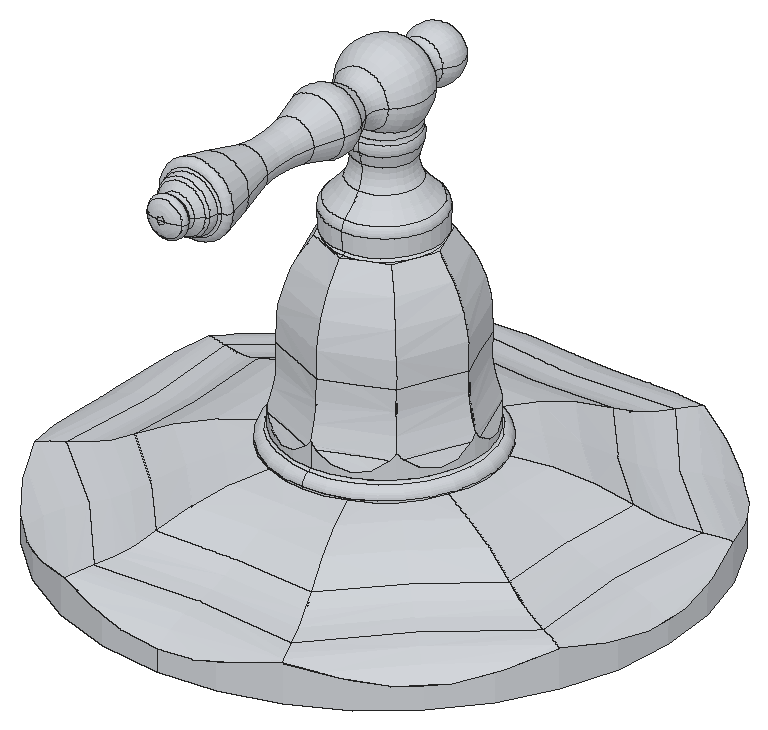
Revit family "Shower-Valve_Trim-KOHLER-Kelston-K-TS98762", category Specialty Equipment, host Face, Revit 2015
Parameters (values of type "CP-Polished Chrome")
  Width = 6 1/2"  # constant formula
  WaterSense Certified = 1 = 0  # no
  URL = "https://www.us.kohler.com/us/"
  Type = 1
  Product Page URL = "http://www.us.kohler.com/us/catalog/productDetails.jsp?productNumber=TS98762-4"
  Product Name = "Kelston"  # constant formula
  Product Documentation Link = "https://www.us.kohler.com/webassets/kpna/catalog/pdf/en/K-TS98762-4_spec.pdf"
  Model = if(Type = 1, "K-TS98762-4-CP", if(Type = 2, "K-TS98762-4-BN", if(Type = 3, "K-TS98762-4-2BZ", "NA")))  # "K-TS98762-4-CP"
  Material = "Premium Material Construction"  # constant formula
  MasterFormat 2004 = "10.28.13"  # constant formula
  MasterFormat 1995 = "10820"  # constant formula
  Manufacturer Address = "444 Highland Dr, Kohler, WI 53044"  # constant formula
  Manufacturer = "KOHLER Co."  # constant formula
  Length = 5 1/16"  # constant formula
  Height = 6 1/2"  # constant formula
  Handle Clearance = 3 3/16"  # constant formula
  Finish = Kohler-Metal-CP-Polished_Chrome
  Environmental Product Declaration = ""
  Description = "Rite-Temp valve trim with lever handle"  # constant formula
  Default Elevation = 42"
  Declare Label = ""
  Date Modified = "04/16/2019"  # constant formula
  Date Created = "04/16/2019"  # constant formula
  Copyright = "Copyright KOHLER Co."  # constant formula
  Contact Us = "https://www.us.kohler.com/us/static/contact.jsp"
  Assembly Code = "C1030200"
  ADA Compliant = 1 = 1  # yes
Reference planes (in)
  plane 1 "Center (Front/Back)": y = 0
  plane 2: z = 0
  plane 3 "Center (Left/Right)": x = 0
  plane 4: y = 3.25
  plane 5: y = -3.25
  plane 6: x = 3.25
  plane 7: x = -3.25
  plane 8: z = 5.0625
  plane 9: y = -3.1875
Dimensions and locks (in)
  "Width": plane 7 to plane 6
  "Height": plane 4 to plane 5
  "Handle Clearance": plane 1 "Center (Front/Back)" to plane 9
  "Length": plane 8 to plane 2
  aligned and locked: plane 2 to host face
  aligned and locked: level to host face
Automatic sketch dimensions
  host sketch curve to host sketch curve = 96"  (x2)
Nested families (in)
  nested 1: "K-TS98762" at (0, 0, 0), type "K-TS98762"
Definition of nested family "K-TS98762"
  Parameters (values of type "K-TS98762")
    Material = none
  Reference planes (in)
    plane 1 "Center (Front/Back)": y = 0
    plane 2: z = 0
    plane 3 "Center (Left/Right)": x = 0
    plane 4: y = 3.25
    plane 5: y = -3.25
    plane 6: x = 3.25
    plane 7: x = -3.25
    plane 8: z = 5.0625
    plane 9: y = -3.1875
    plane 10 "A": z = 4.593
  Forms (in)
    Revolve 1, solid, material <- "Material", detail levels medium+fine
      sketch origin (0, 0, 0) x (0, 1, 0) y (0, 0, 1)
        loop
          line (3.25, 0) -> (3.25, 0.44213) -> (0.83859, 1.17937) -> (0, 1.17937) -> (0, 0) -> (3.25, 0)
        axis (0, 0) -> (0, 1.17937)
      angle from 0 to 360
    Sweep 2, void
      path origin (0, 0, 0) x (1, 0, 0) y (0, 1, 0)
        loop
          arc (-1.24074, 3.00384) -> (-2.04774, 2.05181) -> (-3.00137, 1.2467) r 7.50391
          arc (-3.00137, 1.2467) -> (-2.89882, 0.00287) -> (-3.00384, -1.24074) r 7.50391
          arc (-3.00384, -1.24074) -> (-2.05181, -2.04774) -> (-1.2467, -3.00137) r 7.50391
          arc (-1.2467, -3.00137) -> (-0.00287, -2.89882) -> (1.24074, -3.00384) r 7.50391
          arc (1.24074, -3.00384) -> (2.04774, -2.05181) -> (3.00137, -1.2467) r 7.50391
          arc (3.00137, -1.2467) -> (2.89882, -0.00287) -> (3.00384, 1.24074) r 7.50391
          arc (3.00384, 1.24074) -> (2.05181, 2.04774) -> (1.2467, 3.00137) r 7.50391
          arc (1.2467, 3.00137) -> (0.00287, 2.89882) -> (-1.24074, 3.00384) r 7.50398
      profile origin (0.00287, 2.89882, 0) x (0.000992, 1, 0) y (0, 0, 1)
        loop
          arc (-0.24905, 0.46793) -> (0.07157, 0.39361) -> (0.35899, 0.23326) r 1.1748
          line (0.35899, 0.23326) -> (0.35899, 1.55303) -> (-1.98899, 1.55303) -> (-1.98899, 0.9793)
          arc (-1.98899, 0.9793) -> (-1.37257, 0.89262) -> (-0.80073, 0.64668) r 2.34289
          arc (-0.80073, 0.64668) -> (-0.53503, 0.526) -> (-0.24905, 0.46793) r 1.29359
    Revolve 3, solid, material <- "Material", detail levels medium+fine
      sketch origin (0, 0, 0) x (0, 1, 0) y (0, 0, 1)
        loop
          line (1.17005, 0.95001) -> (1.17005, 0.98233)
          arc (1.17005, 0.98233) -> (1.143, 1.05707) -> (1.07439, 1.09718) r 0.11677
          arc (1.07439, 1.09718) -> (1.0569, 1.1074) -> (1.05, 1.12646) r 0.02977
          line (1.05, 1.12646) -> (1.05, 3.09509) -> (0.58103, 3.09509) -> (0.53112, 3.145) -> (0.59715, 3.145)
          arc (0.59715, 3.145) -> (0.5953, 3.24448) -> (0.60089, 3.34383) r 1.33089
          arc (0.60089, 3.34383) -> (0.59286, 3.39986) -> (0.56024, 3.44611) r 0.12109
          arc (0.56024, 3.44611) -> (0.45664, 3.54946) -> (0.36693, 3.66507) r 1.15585
          arc (0.36693, 3.66507) -> (0.31632, 3.78659) -> (0.31754, 3.91822) r 0.32814
          arc (0.31754, 3.91822) -> (0.33396, 3.98119) -> (0.35585, 4.04246) r 0.74083
          arc (0.35585, 4.04246) -> (0.36864, 4.10307) -> (0.35942, 4.16431) r 0.17412
          arc (0.35942, 4.16431) -> (0.35314, 4.18928) -> (0.35103, 4.21495) r 0.15703
          line (0.35103, 4.21495) -> (0.35103, 4.31913) -> (0, 4.31913) -> (0, 0.95001) -> (1.17005, 0.95001)
        axis (0, 0.95001) -> (0, 4.31913)
      angle from 0 to 360
    Sweep 4, void
      path origin (0, 0, 0) x (1, 0, 0) y (0, 1, 0)
        loop
          arc (-0.74848, 0.74848) -> (-0.89801, 0.37197) -> (-1.05851, 0) r 13.82422
          arc (-1.05851, 0) -> (-0.89801, -0.37197) -> (-0.74848, -0.74848) r 13.82422
          arc (-0.74848, -0.74848) -> (-0.37197, -0.89801) -> (0, -1.05851) r 13.82422
          arc (0, -1.05851) -> (0.37197, -0.89801) -> (0.74848, -0.74848) r 13.82422
          arc (0.74848, -0.74848) -> (0.89801, -0.37197) -> (1.05851, 0) r 13.82422
          arc (1.05851, 0) -> (0.89801, 0.37197) -> (0.74848, 0.74848) r 13.82422
          arc (0.74848, 0.74848) -> (0.37197, 0.89801) -> (0, 1.05851) r 13.82552
          arc (0, 1.05851) -> (-0.37197, 0.89801) -> (-0.74848, 0.74848) r 13.82422
      profile origin (-0.37197, 0.89801, 0) x (-0.382683, 0.92388, 0) y (0, 0, 1)
        loop
          arc (-0.08031, 2.0013) -> (-0.07014, 1.65857) -> (0.015, 1.32643) r 1.55293
          arc (0.015, 1.32643) -> (0.04945, 1.24278) -> (0.08871, 1.16128) r 1.55293
          line (0.08871, 1.16128) -> (0.24995, 1.16128) -> (0.24995, 3.09579) -> (-0.3892, 3.09579)
          arc (-0.3892, 3.09579) -> (-0.1363, 2.57633) -> (-0.08031, 2.0013) r 1.63142
    Revolve 5, solid, material <- "Material", detail levels medium+fine
      sketch origin (0, 0, 4.59313) x (-1, 0, 0) y (0, -1, 0)
        loop
          line (0, -0.96964) -> (0.04928, -0.96964)
          arc (0.04928, -0.96964) -> (0.2813, -0.81754) -> (0.23438, -0.54411) r 0.25302
          arc (0.23438, -0.54411) -> (0.20791, -0.47743) -> (0.23365, -0.41046) r 0.0986
          arc (0.23365, -0.41046) -> (0.26903, -0.37459) -> (0.30713, -0.34163) r 0.63901
          arc (0.30713, -0.34163) -> (0.4698, -0.00732) -> (0.31301, 0.32979) r 0.43267
          arc (0.31301, 0.32979) -> (0.23999, 0.44549) -> (0.24955, 0.58197) r 0.21983
          arc (0.24955, 0.58197) -> (0.2802, 0.65141) -> (0.31489, 0.71892) r 1.29028
          arc (0.31489, 0.71892) -> (0.35316, 0.85354) -> (0.32852, 0.99131) r 0.31095
          arc (0.32852, 0.99131) -> (0.27219, 1.14307) -> (0.23083, 1.29957) r 1.66857
          arc (0.23083, 1.29957) -> (0.19592, 1.63102) -> (0.23083, 1.96246) r 1.5911
          arc (0.23083, 1.96246) -> (0.27722, 2.15769) -> (0.3327, 2.35052) r 4.28024
          arc (0.3327, 2.35052) -> (0.37528, 2.50392) -> (0.40768, 2.65979) r 2.4204
          arc (0.40768, 2.65979) -> (0.39288, 2.72093) -> (0.33812, 2.75187) r 0.07899
          arc (0.33812, 2.75187) -> (0.32124, 2.76036) -> (0.31419, 2.7779) r 0.02674
          arc (0.31419, 2.7779) -> (0.3099, 2.81985) -> (0.29895, 2.86057) r 0.26242
          arc (0.29895, 2.86057) -> (0.28881, 2.87929) -> (0.27351, 2.89409) r 0.06983
          arc (0.27351, 2.89409) -> (0.2317, 2.92692) -> (0.19337, 2.96376) r 0.53155
          arc (0.19337, 2.96376) -> (0.17974, 2.99107) -> (0.18344, 3.02136) r 0.05297
          arc (0.18344, 3.02136) -> (0.19326, 3.03945) -> (0.20595, 3.05566) r 0.12332
          arc (0.20595, 3.05566) -> (0.22045, 3.0991) -> (0.1973, 3.13861) r 0.05542
          arc (0.1973, 3.13861) -> (0.12382, 3.17513) -> (0.04274, 3.1877) r 0.2679
          line (0.04274, 3.1877) -> (0, 3.1877) -> (0, -0.96964)
        axis (0, 3.1877) -> (0, -0.96964)
      angle from 0 to 360
    Revolve 6, solid, material <- "Material", detail levels coarse
      sketch origin (0, 0, 0) x (0, 1, 0) y (0, 0, 1)
        loop
          line (3.25, 0) -> (3.25, 0.365) -> (1.16895, 1.005) -> (1.01875, 1.25497) -> (1.01875, 3.145) -> (0.59715, 3.145) -> (0.59715, 4.23538) -> (0, 4.23538) -> (0, 0) -> (3.25, 0)
        axis (0, 0) -> (0, 4.23538)
      angle from 0 to 360
    Extrusion 7, solid, material <- "Material", detail levels coarse
      sketch origin (0, 0, 0) x (1, 0, 0) y (0, 0, 1)
        loop
          circle (0, 4.593) r 0.4695
      from -0.96983 to 3.1875
  Cuts and joins
    Sweep 2, Sweep 4 cuts Revolve 1
    Sweep 4 cuts Revolve 3
    joined: Revolve 1, Revolve 3, Revolve 5
    joined: Revolve 6, Extrusion 7
  Lines and regions (in)
    Masking region 1
      outline origin (0, 0, 0) x (1, 0, 0) y (0, 1, 0)
        loop
          circle (0, 0) r 3.25
    Masking region 2
      outline origin (0, 0, 0) x (0, 1, 0) y (0, 0, 1)
        loop
          spline (3.00384, 0.41861) -> (2.98174, 0.42477) -> (2.95955, 0.43056) -> (2.93727, 0.43598) -> (2.91492, 0.44103) -> (2.8925, 0.44571) -> (2.87001, 0.45001) -> (2.84746, 0.45394) -> (2.82486, 0.45749) -> (2.8022, 0.46067) -> (2.7795, 0.46347) -> (2.75676, 0.46589) -> (2.73398, 0.46793)
          spline (2.73398, 0.46793) -> (2.6831, 0.47276) -> (2.63238, 0.47947) -> (2.58188, 0.48803) -> (2.53165, 0.49845) -> (2.48177, 0.51071) -> (2.43228, 0.52479) -> (2.38325, 0.54069) -> (2.33472, 0.55838) -> (2.28675, 0.57784) -> (2.23941, 0.59905) -> (2.19274, 0.62198) -> (2.1468, 0.64662)
          spline (2.1468, 0.64662) -> (2.07048, 0.68833) -> (1.99295, 0.7274) -> (1.91429, 0.76377) -> (1.83457, 0.79741) -> (1.75389, 0.82828) -> (1.67232, 0.85636) -> (1.58995, 0.88162) -> (1.50685, 0.90402) -> (1.42312, 0.92355) -> (1.33884, 0.94019) -> (1.25409, 0.95392) -> (1.16895, 0.96473)
          arc (1.16895, 0.96473) -> (1.15529, 1.04169) -> (1.09463, 1.09098) r 0.11201
          arc (1.09463, 1.09098) -> (1.06231, 1.1149) -> (1.05, 1.15317) r 0.06565
          line (1.05, 1.15317) -> (1.05, 1.39088)
          spline (1.05, 1.39088) -> (1.03296, 1.44088) -> (1.01778, 1.49147) -> (1.00449, 1.5426) -> (0.9931, 1.59418) -> (0.98362, 1.64615) -> (0.97608, 1.69843) -> (0.97048, 1.75096) -> (0.96683, 1.80366) -> (0.96513, 1.85646) -> (0.96539, 1.90928) -> (0.96761, 1.96206) -> (0.97178, 2.01472)
          spline (0.97178, 2.01472) -> (0.97589, 2.11124) -> (0.97393, 2.20783) -> (0.9659, 2.3041) -> (0.95182, 2.39968) -> (0.93176, 2.49418) -> (0.9058, 2.58724) -> (0.87404, 2.67848) -> (0.8366, 2.76754) -> (0.79363, 2.85406) -> (0.7453, 2.93772) -> (0.69181, 3.01816) -> (0.63337, 3.09509)
          line (0.63337, 3.09509) -> (0.59449, 3.09509) -> (0.53112, 3.145) -> (0.59715, 3.145)
          arc (0.59715, 3.145) -> (0.5953, 3.24448) -> (0.60089, 3.34383) r 1.33089
          arc (0.60089, 3.34383) -> (0.59286, 3.39986) -> (0.56024, 3.44611) r 0.12109
          arc (0.56024, 3.44611) -> (0.45664, 3.54946) -> (0.36693, 3.66507) r 1.15585
          arc (0.36693, 3.66507) -> (0.31632, 3.78659) -> (0.31754, 3.91822) r 0.32814
          arc (0.31754, 3.91822) -> (0.33396, 3.98119) -> (0.35585, 4.04246) r 0.74083
          arc (0.35585, 4.04246) -> (0.36864, 4.10284) -> (0.35956, 4.16389) r 0.17412
          arc (0.35956, 4.16389) -> (0.35275, 4.2416) -> (0.38234, 4.31378) r 0.16525
          arc (0.38234, 4.31378) -> (0.45077, 4.38152) -> (0.54431, 4.35862) r 0.0986
          arc (0.54431, 4.35862) -> (0.81774, 4.3117) -> (0.96983, 4.54373) r 0.25302
          line (0.96983, 4.54373) -> (0.96983, 4.593) -> (0.96983, 4.64228)
          arc (0.96983, 4.64228) -> (0.81774, 4.87431) -> (0.54431, 4.82739) r 0.25302
          arc (0.54431, 4.82739) -> (0.47763, 4.80092) -> (0.41066, 4.82665) r 0.0986
          arc (0.41066, 4.82665) -> (0.37479, 4.86204) -> (0.34183, 4.90014) r 0.63901
          arc (0.34183, 4.90014) -> (0.00752, 5.0628) -> (-0.32959, 4.90602) r 0.43267
          arc (-0.32959, 4.90602) -> (-0.44529, 4.833) -> (-0.58177, 4.84255) r 0.21983
          arc (-0.58177, 4.84255) -> (-0.65121, 4.87321) -> (-0.71872, 4.90789) r 1.29028
          arc (-0.71872, 4.90789) -> (-0.85334, 4.94616) -> (-0.99111, 4.92152) r 0.31095
          arc (-0.99111, 4.92152) -> (-1.14287, 4.86519) -> (-1.29937, 4.82383) r 1.66857
          arc (-1.29937, 4.82383) -> (-1.63082, 4.78893) -> (-1.96226, 4.82383) r 1.5911
          arc (-1.96226, 4.82383) -> (-2.15749, 4.87022) -> (-2.35032, 4.92571) r 4.28024
          arc (-2.35032, 4.92571) -> (-2.50372, 4.96828) -> (-2.65959, 5.00068) r 2.4204
          arc (-2.65959, 5.00068) -> (-2.72073, 4.98589) -> (-2.75167, 4.93113) r 0.07899
          arc (-2.75167, 4.93113) -> (-2.76017, 4.91424) -> (-2.7777, 4.90719) r 0.02674
          arc (-2.7777, 4.90719) -> (-2.81965, 4.9029) -> (-2.86037, 4.89195) r 0.26242
          arc (-2.86037, 4.89195) -> (-2.8791, 4.88182) -> (-2.8939, 4.86651) r 0.06983
          arc (-2.8939, 4.86651) -> (-2.92672, 4.8247) -> (-2.96356, 4.78638) r 0.53155
          arc (-2.96356, 4.78638) -> (-2.99087, 4.77275) -> (-3.02116, 4.77645) r 0.05297
          arc (-3.02116, 4.77645) -> (-3.03925, 4.78627) -> (-3.05546, 4.79896) r 0.12332
          arc (-3.05546, 4.79896) -> (-3.0989, 4.81345) -> (-3.13842, 4.79031) r 0.05542
          arc (-3.13842, 4.79031) -> (-3.17493, 4.71683) -> (-3.1875, 4.63574) r 0.2679
          line (-3.1875, 4.63574) -> (-3.1875, 4.593) -> (-3.1875, 4.55027)
          arc (-3.1875, 4.55027) -> (-3.17493, 4.46918) -> (-3.13842, 4.3957) r 0.2679
          arc (-3.13842, 4.3957) -> (-3.0989, 4.37256) -> (-3.05546, 4.38705) r 0.05542
          arc (-3.05546, 4.38705) -> (-3.03925, 4.39974) -> (-3.02116, 4.40956) r 0.12332
          arc (-3.02116, 4.40956) -> (-2.99087, 4.41326) -> (-2.96356, 4.39963) r 0.05297
          arc (-2.96356, 4.39963) -> (-2.92672, 4.36131) -> (-2.8939, 4.3195) r 0.53155
          arc (-2.8939, 4.3195) -> (-2.8791, 4.30419) -> (-2.86037, 4.29406) r 0.06983
          arc (-2.86037, 4.29406) -> (-2.81965, 4.28311) -> (-2.7777, 4.27882) r 0.26242
          arc (-2.7777, 4.27882) -> (-2.76017, 4.27177) -> (-2.75167, 4.25488) r 0.02674
          arc (-2.75167, 4.25488) -> (-2.72073, 4.20012) -> (-2.65959, 4.18533) r 0.07899
          arc (-2.65959, 4.18533) -> (-2.50372, 4.21773) -> (-2.35032, 4.2603) r 2.4204
          arc (-2.35032, 4.2603) -> (-2.15749, 4.31579) -> (-1.96226, 4.36218) r 4.28024
          arc (-1.96226, 4.36218) -> (-1.63082, 4.39708) -> (-1.29937, 4.36218) r 1.5911
          arc (-1.29937, 4.36218) -> (-1.14287, 4.32082) -> (-0.99111, 4.26449) r 1.66857
          arc (-0.99111, 4.26449) -> (-0.85334, 4.23985) -> (-0.71872, 4.27812) r 0.31095
          arc (-0.71872, 4.27812) -> (-0.65121, 4.3128) -> (-0.58177, 4.34346) r 1.29028
          arc (-0.58177, 4.34346) -> (-0.49223, 4.35956) -> (-0.40384, 4.33803) r 0.21983
          arc (-0.40384, 4.33803) -> (-0.35597, 4.2575) -> (-0.35956, 4.16389) r 0.16525
          arc (-0.35956, 4.16389) -> (-0.36864, 4.10284) -> (-0.35585, 4.04246) r 0.17412
          arc (-0.35585, 4.04246) -> (-0.33396, 3.98119) -> (-0.31754, 3.91822) r 0.74083
          arc (-0.31754, 3.91822) -> (-0.31632, 3.78659) -> (-0.36693, 3.66507) r 0.32814
          arc (-0.36693, 3.66507) -> (-0.45664, 3.54946) -> (-0.56024, 3.44611) r 1.15585
          arc (-0.56024, 3.44611) -> (-0.59286, 3.39986) -> (-0.60089, 3.34383) r 0.12109
          arc (-0.60089, 3.34383) -> (-0.5953, 3.24448) -> (-0.59715, 3.145) r 1.33089
          line (-0.59715, 3.145) -> (-0.53112, 3.145) -> (-0.59449, 3.09509) -> (-0.63337, 3.09509)
          spline (-0.63337, 3.09509) -> (-0.69181, 3.01816) -> (-0.7453, 2.93772) -> (-0.79363, 2.85406) -> (-0.8366, 2.76754) -> (-0.87404, 2.67848) -> (-0.9058, 2.58724) -> (-0.93176, 2.49418) -> (-0.95182, 2.39968) -> (-0.9659, 2.3041) -> (-0.97393, 2.20783) -> (-0.97589, 2.11124) -> (-0.97178, 2.01472)
          spline (-0.97178, 2.01472) -> (-0.96761, 1.96206) -> (-0.96539, 1.90928) -> (-0.96513, 1.85646) -> (-0.96683, 1.80366) -> (-0.97048, 1.75096) -> (-0.97608, 1.69843) -> (-0.98362, 1.64615) -> (-0.9931, 1.59418) -> (-1.00449, 1.5426) -> (-1.01778, 1.49147) -> (-1.03296, 1.44088) -> (-1.05, 1.39088)
          line (-1.05, 1.39088) -> (-1.05, 1.15317)
          arc (-1.05, 1.15317) -> (-1.06231, 1.1149) -> (-1.09463, 1.09098) r 0.06565
          arc (-1.09463, 1.09098) -> (-1.15529, 1.04169) -> (-1.16895, 0.96473) r 0.11201
          spline (-1.16895, 0.96473) -> (-1.25409, 0.95392) -> (-1.33884, 0.94019) -> (-1.42312, 0.92355) -> (-1.50685, 0.90402) -> (-1.58995, 0.88162) -> (-1.67232, 0.85636) -> (-1.75389, 0.82828) -> (-1.83457, 0.79741) -> (-1.91429, 0.76377) -> (-1.99295, 0.7274) -> (-2.07048, 0.68833) -> (-2.1468, 0.64662)
          spline (-2.1468, 0.64662) -> (-2.19274, 0.62198) -> (-2.23941, 0.59905) -> (-2.28675, 0.57784) -> (-2.33472, 0.55838) -> (-2.38325, 0.54069) -> (-2.43228, 0.52479) -> (-2.48177, 0.51071) -> (-2.53165, 0.49845) -> (-2.58188, 0.48803) -> (-2.63238, 0.47947) -> (-2.6831, 0.47276) -> (-2.73398, 0.46793)
          spline (-2.73398, 0.46793) -> (-2.75676, 0.46589) -> (-2.7795, 0.46347) -> (-2.8022, 0.46067) -> (-2.82486, 0.45749) -> (-2.84746, 0.45394) -> (-2.87001, 0.45001) -> (-2.8925, 0.44571) -> (-2.91492, 0.44103) -> (-2.93727, 0.43598) -> (-2.95955, 0.43056) -> (-2.98174, 0.42477) -> (-3.00384, 0.41861)
          spline (-3.00384, 0.41861) -> (-3.04256, 0.39819) -> (-3.07807, 0.37823) -> (-3.11033, 0.35877) -> (-3.13931, 0.3398) -> (-3.16494, 0.32051) -> (-3.18721, 0.30118) -> (-3.20617, 0.28339) -> (-3.22181, 0.26872) -> (-3.23408, 0.25744) -> (-3.2429, 0.24874) -> (-3.24822, 0.24264) -> (-3.25, 0.23914)
          line (-3.25, 0.23914) -> (-3.25, 0) -> (3.25, 0) -> (3.25, 0.23914)
          spline (3.25, 0.23914) -> (3.24822, 0.24264) -> (3.2429, 0.24874) -> (3.23408, 0.25744) -> (3.22181, 0.26872) -> (3.20617, 0.28339) -> (3.18721, 0.30118) -> (3.16494, 0.32051) -> (3.13931, 0.3398) -> (3.11033, 0.35877) -> (3.07807, 0.37823) -> (3.04256, 0.39819) -> (3.00384, 0.41861)
    Masking region 3
      outline origin (0, 0, 0) x (1, 0, 0) y (0, 0, 1)
        loop
          spline (3.00384, 0.41861) -> (2.98174, 0.42477) -> (2.95955, 0.43056) -> (2.93727, 0.43598) -> (2.91492, 0.44103) -> (2.8925, 0.44571) -> (2.87001, 0.45001) -> (2.84746, 0.45394) -> (2.82486, 0.45749) -> (2.8022, 0.46067) -> (2.7795, 0.46347) -> (2.75676, 0.46589) -> (2.73398, 0.46793)
          spline (2.73398, 0.46793) -> (2.6831, 0.47276) -> (2.63238, 0.47947) -> (2.58188, 0.48803) -> (2.53165, 0.49845) -> (2.48177, 0.51071) -> (2.43228, 0.52479) -> (2.38325, 0.54069) -> (2.33472, 0.55838) -> (2.28675, 0.57784) -> (2.23941, 0.59905) -> (2.19274, 0.62198) -> (2.1468, 0.64662)
          spline (2.1468, 0.64662) -> (2.07048, 0.68833) -> (1.99295, 0.7274) -> (1.91429, 0.76377) -> (1.83457, 0.79741) -> (1.75389, 0.82828) -> (1.67232, 0.85636) -> (1.58995, 0.88162) -> (1.50685, 0.90402) -> (1.42312, 0.92355) -> (1.33884, 0.94019) -> (1.25409, 0.95392) -> (1.16895, 0.96473)
          arc (1.16895, 0.96473) -> (1.15529, 1.04169) -> (1.09463, 1.09098) r 0.11201
          arc (1.09463, 1.09098) -> (1.06231, 1.1149) -> (1.05, 1.15317) r 0.06565
          line (1.05, 1.15317) -> (1.05, 1.39088)
          spline (1.05, 1.39088) -> (1.03296, 1.44088) -> (1.01778, 1.49147) -> (1.00449, 1.5426) -> (0.9931, 1.59418) -> (0.98362, 1.64615) -> (0.97608, 1.69843) -> (0.97048, 1.75096) -> (0.96683, 1.80366) -> (0.96513, 1.85646) -> (0.96539, 1.90928) -> (0.96761, 1.96206) -> (0.97178, 2.01472)
          spline (0.97178, 2.01472) -> (0.97589, 2.11124) -> (0.97393, 2.20783) -> (0.9659, 2.3041) -> (0.95182, 2.39968) -> (0.93176, 2.49418) -> (0.9058, 2.58724) -> (0.87404, 2.67848) -> (0.8366, 2.76754) -> (0.79363, 2.85406) -> (0.7453, 2.93772) -> (0.69181, 3.01816) -> (0.63337, 3.09509)
          line (0.63337, 3.09509) -> (0.59449, 3.09509) -> (0.53112, 3.145) -> (0.59715, 3.145)
          arc (0.59715, 3.145) -> (0.5953, 3.24448) -> (0.60089, 3.34383) r 1.33089
          arc (0.60089, 3.34383) -> (0.59286, 3.39986) -> (0.56024, 3.44611) r 0.12109
          arc (0.56024, 3.44611) -> (0.45664, 3.54946) -> (0.36693, 3.66507) r 1.15585
          arc (0.36693, 3.66507) -> (0.31632, 3.78659) -> (0.31754, 3.91822) r 0.32814
          arc (0.31754, 3.91822) -> (0.33396, 3.98119) -> (0.35585, 4.04246) r 0.74083
          arc (0.35585, 4.04246) -> (0.36864, 4.10284) -> (0.35956, 4.16389) r 0.17412
          arc (0.35956, 4.16389) -> (0.35168, 4.20046) -> (0.35222, 4.23786) r 0.16525
          line (0.35222, 4.23786) -> (0.35222, 4.28258)
          arc (0.35222, 4.28258) -> (0, 5.0625) -> (-0.35222, 4.28258) r 0.4695
          line (-0.35222, 4.28258) -> (-0.35222, 4.23786)
          arc (-0.35222, 4.23786) -> (-0.35168, 4.20046) -> (-0.35956, 4.16389) r 0.16525
          arc (-0.35956, 4.16389) -> (-0.36864, 4.10284) -> (-0.35585, 4.04246) r 0.17412
          arc (-0.35585, 4.04246) -> (-0.33396, 3.98119) -> (-0.31754, 3.91822) r 0.74083
          arc (-0.31754, 3.91822) -> (-0.31632, 3.78659) -> (-0.36693, 3.66507) r 0.32814
          arc (-0.36693, 3.66507) -> (-0.45664, 3.54946) -> (-0.56024, 3.44611) r 1.15585
          arc (-0.56024, 3.44611) -> (-0.59286, 3.39986) -> (-0.60089, 3.34383) r 0.12109
          arc (-0.60089, 3.34383) -> (-0.5953, 3.24448) -> (-0.59715, 3.145) r 1.33089
          line (-0.59715, 3.145) -> (-0.53112, 3.145) -> (-0.59449, 3.09509) -> (-0.63337, 3.09509)
          spline (-0.63337, 3.09509) -> (-0.69181, 3.01816) -> (-0.7453, 2.93772) -> (-0.79363, 2.85406) -> (-0.8366, 2.76754) -> (-0.87404, 2.67848) -> (-0.9058, 2.58724) -> (-0.93176, 2.49418) -> (-0.95182, 2.39968) -> (-0.9659, 2.3041) -> (-0.97393, 2.20783) -> (-0.97589, 2.11124) -> (-0.97178, 2.01472)
          spline (-0.97178, 2.01472) -> (-0.96761, 1.96206) -> (-0.96539, 1.90928) -> (-0.96513, 1.85646) -> (-0.96683, 1.80366) -> (-0.97048, 1.75096) -> (-0.97608, 1.69843) -> (-0.98362, 1.64615) -> (-0.9931, 1.59418) -> (-1.00449, 1.5426) -> (-1.01778, 1.49147) -> (-1.03296, 1.44088) -> (-1.05, 1.39088)
          line (-1.05, 1.39088) -> (-1.05, 1.15317)
          arc (-1.05, 1.15317) -> (-1.06231, 1.1149) -> (-1.09463, 1.09098) r 0.06565
          arc (-1.09463, 1.09098) -> (-1.15529, 1.04169) -> (-1.16895, 0.96473) r 0.11201
          spline (-1.16895, 0.96473) -> (-1.25409, 0.95392) -> (-1.33884, 0.94019) -> (-1.42312, 0.92355) -> (-1.50685, 0.90402) -> (-1.58995, 0.88162) -> (-1.67232, 0.85636) -> (-1.75389, 0.82828) -> (-1.83457, 0.79741) -> (-1.91429, 0.76377) -> (-1.99295, 0.7274) -> (-2.07048, 0.68833) -> (-2.1468, 0.64662)
          spline (-2.1468, 0.64662) -> (-2.19274, 0.62198) -> (-2.23941, 0.59905) -> (-2.28675, 0.57784) -> (-2.33472, 0.55838) -> (-2.38325, 0.54069) -> (-2.43228, 0.52479) -> (-2.48177, 0.51071) -> (-2.53165, 0.49845) -> (-2.58188, 0.48803) -> (-2.63238, 0.47947) -> (-2.6831, 0.47276) -> (-2.73398, 0.46793)
          spline (-2.73398, 0.46793) -> (-2.75676, 0.46589) -> (-2.7795, 0.46347) -> (-2.8022, 0.46067) -> (-2.82486, 0.45749) -> (-2.84746, 0.45394) -> (-2.87001, 0.45001) -> (-2.8925, 0.44571) -> (-2.91492, 0.44103) -> (-2.93727, 0.43598) -> (-2.95955, 0.43056) -> (-2.98174, 0.42477) -> (-3.00384, 0.41861)
          spline (-3.00384, 0.41861) -> (-3.04256, 0.39819) -> (-3.07807, 0.37823) -> (-3.11033, 0.35877) -> (-3.13931, 0.3398) -> (-3.16494, 0.32051) -> (-3.18721, 0.30118) -> (-3.20617, 0.28339) -> (-3.22181, 0.26872) -> (-3.23408, 0.25744) -> (-3.2429, 0.24874) -> (-3.24822, 0.24264) -> (-3.25, 0.23914)
          line (-3.25, 0.23914) -> (-3.25, 0) -> (3.25, 0) -> (3.25, 0.23914)
          spline (3.25, 0.23914) -> (3.24822, 0.24264) -> (3.2429, 0.24874) -> (3.23408, 0.25744) -> (3.22181, 0.26872) -> (3.20617, 0.28339) -> (3.18721, 0.30118) -> (3.16494, 0.32051) -> (3.13931, 0.3398) -> (3.11033, 0.35877) -> (3.07807, 0.37823) -> (3.04256, 0.39819) -> (3.00384, 0.41861)
    symbolic lines, detail levels medium+fine
      curve 1: arc (0.27396, -1.13752, 0) -> (0, 1.17005, 0) -> (-0.27396, -1.13752, 0) r 1.17005
      curve 2: arc (0.32557, -0.99825, 0) -> (0, 1.05, 0) -> (-0.32557, -0.99825, 0) r 1.05
      curve 3: arc (-0.24376, 0.55476, 0) -> (-0.60595, -0.0016, 0) -> (-0.24084, -0.55604, 0) r 0.60595
      curve 4: line (-0.74246, 0.74246, 0) -> (-0.42847, 0.42847, 0)
      curve 5: line (0.74246, 0.74246, 0) -> (0.42847, 0.42847, 0)
      curve 6: line (1.05, 0, 0) -> (0.60595, 0, 0)
      curve 7: line (0.74246, -0.74246, 0) -> (0.42847, -0.42847, 0)
      curve 8: line (-0.74246, -0.74246, 0) -> (-0.42847, -0.42847, 0)
      curve 9: line (-1.05, 0, 0) -> (-0.60595, 0, 0)
      curve 10: line (1.08143, 0.44669, 0) -> (2.99921, 1.24291, 0)
      curve 11: line (1.24546, 2.99838, 0) -> (0.44883, 1.08054, 0)
      curve 12: line (-1.23943, 3.00067, 0) -> (-0.44669, 1.08143, 0)
      curve 13: line (-2.99789, 1.24525, 0) -> (-1.08054, 0.44883, 0)
      curve 14: line (-3.00061, -1.23941, 0) -> (-1.08143, -0.44669, 0)
      curve 15: line (-1.24528, -2.99795, 0) -> (-0.44883, -1.08054, 0)
      curve 16: line (1.23944, -3.00068, 0) -> (0.44669, -1.08143, 0)
      curve 17: line (2.99812, -1.24535, 0) -> (1.08054, -0.44883, 0)
      curve 18: line (-0.04274, -3.1877, 0) -> (0, -3.1877, 0)
      curve 19: line (0, 0.96964, 0) -> (-0.04928, 0.96964, 0)
      curve 20: arc (-0.04928, 0.96964, 0) -> (-0.2813, 0.81754, 0) -> (-0.23438, 0.54411, 0) r 0.25302
      curve 21: arc (-0.23438, 0.54411, 0) -> (-0.20791, 0.47743, 0) -> (-0.23365, 0.41046, 0) r 0.0986
      curve 22: arc (-0.23365, 0.41046, 0) -> (-0.26903, 0.37459, 0) -> (-0.30713, 0.34163, 0) r 0.63901
      curve 23: arc (-0.30713, 0.34163, 0) -> (-0.4698, 0.00732, 0) -> (-0.31301, -0.32979, 0) r 0.43267
      curve 24: arc (-0.31301, -0.32979, 0) -> (-0.23999, -0.44549, 0) -> (-0.24955, -0.58197, 0) r 0.21983
      curve 25: arc (-0.24955, -0.58197, 0) -> (-0.2802, -0.65141, 0) -> (-0.31489, -0.71892, 0) r 1.29028
      curve 26: arc (-0.31489, -0.71892, 0) -> (-0.35316, -0.85354, 0) -> (-0.32852, -0.99131, 0) r 0.31095
      curve 27: arc (-0.32852, -0.99131, 0) -> (-0.27219, -1.14307, 0) -> (-0.23083, -1.29957, 0) r 1.66857
      curve 28: arc (-0.1973, -3.13861, 0) -> (-0.12382, -3.17513, 0) -> (-0.04274, -3.1877, 0) r 0.2679
      curve 29: arc (-0.20595, -3.05566, 0) -> (-0.22045, -3.0991, 0) -> (-0.1973, -3.13861, 0) r 0.05542
      curve 30: arc (-0.18344, -3.02136, 0) -> (-0.19326, -3.03945, 0) -> (-0.20595, -3.05566, 0) r 0.12332
      curve 31: arc (-0.19337, -2.96376, 0) -> (-0.17974, -2.99107, 0) -> (-0.18344, -3.02136, 0) r 0.05297
      curve 32: arc (-0.27351, -2.89409, 0) -> (-0.2317, -2.92692, 0) -> (-0.19337, -2.96376, 0) r 0.53155
      curve 33: arc (-0.29895, -2.86057, 0) -> (-0.28881, -2.87929, 0) -> (-0.27351, -2.89409, 0) r 0.06983
      curve 34: arc (-0.31419, -2.7779, 0) -> (-0.3099, -2.81985, 0) -> (-0.29895, -2.86057, 0) r 0.26242
      curve 35: arc (-0.23083, -1.29957, 0) -> (-0.19592, -1.63102, 0) -> (-0.23083, -1.96246, 0) r 1.5911
      curve 36: arc (-0.23083, -1.96246, 0) -> (-0.27722, -2.15769, 0) -> (-0.3327, -2.35052, 0) r 4.28024
      curve 37: arc (-0.3327, -2.35052, 0) -> (-0.37528, -2.50392, 0) -> (-0.40768, -2.65979, 0) r 2.4204
      curve 38: arc (-0.40768, -2.65979, 0) -> (-0.39288, -2.72093, 0) -> (-0.33812, -2.75187, 0) r 0.07899
      curve 39: arc (-0.33812, -2.75187, 0) -> (-0.32124, -2.76036, 0) -> (-0.31419, -2.7779, 0) r 0.02674
      curve 40: line (0.04274, -3.1877, 0) -> (0, -3.1877, 0)
      curve 41: line (0, 0.96964, 0) -> (0.04928, 0.96964, 0)
      curve 42: arc (0.04928, 0.96964, 0) -> (0.2813, 0.81754, 0) -> (0.23438, 0.54411, 0) r 0.25302
      curve 43: arc (0.23438, 0.54411, 0) -> (0.20791, 0.47743, 0) -> (0.23365, 0.41046, 0) r 0.0986
      curve 44: arc (0.23365, 0.41046, 0) -> (0.26903, 0.37459, 0) -> (0.30713, 0.34163, 0) r 0.63901
      curve 45: arc (0.30713, 0.34163, 0) -> (0.4698, 0.00732, 0) -> (0.31301, -0.32979, 0) r 0.43267
      curve 46: arc (0.31301, -0.32979, 0) -> (0.23999, -0.44549, 0) -> (0.24955, -0.58197, 0) r 0.21983
      curve 47: arc (0.24955, -0.58197, 0) -> (0.2802, -0.65141, 0) -> (0.31489, -0.71892, 0) r 1.29028
      curve 48: arc (0.31489, -0.71892, 0) -> (0.35316, -0.85354, 0) -> (0.32852, -0.99131, 0) r 0.31095
      curve 49: arc (0.32852, -0.99131, 0) -> (0.27219, -1.14307, 0) -> (0.23083, -1.29957, 0) r 1.66857
      curve 50: arc (0.1973, -3.13861, 0) -> (0.12382, -3.17513, 0) -> (0.04274, -3.1877, 0) r 0.2679
      curve 51: arc (0.20595, -3.05566, 0) -> (0.22045, -3.0991, 0) -> (0.1973, -3.13861, 0) r 0.05542
      curve 52: arc (0.18344, -3.02136, 0) -> (0.19326, -3.03945, 0) -> (0.20595, -3.05566, 0) r 0.12332
      curve 53: arc (0.19337, -2.96376, 0) -> (0.17974, -2.99107, 0) -> (0.18344, -3.02136, 0) r 0.05297
      curve 54: arc (0.27351, -2.89409, 0) -> (0.2317, -2.92692, 0) -> (0.19337, -2.96376, 0) r 0.53155
      curve 55: arc (0.29895, -2.86057, 0) -> (0.28881, -2.87929, 0) -> (0.27351, -2.89409, 0) r 0.06983
      curve 56: arc (0.31419, -2.7779, 0) -> (0.3099, -2.81985, 0) -> (0.29895, -2.86057, 0) r 0.26242
      curve 57: arc (0.23083, -1.29957, 0) -> (0.19592, -1.63102, 0) -> (0.23083, -1.96246, 0) r 1.5911
      curve 58: arc (0.23083, -1.96246, 0) -> (0.27722, -2.15769, 0) -> (0.3327, -2.35052, 0) r 4.28024
      curve 59: arc (0.3327, -2.35052, 0) -> (0.37528, -2.50392, 0) -> (0.40768, -2.65979, 0) r 2.4204
      curve 60: arc (0.40768, -2.65979, 0) -> (0.39288, -2.72093, 0) -> (0.33812, -2.75187, 0) r 0.07899
      curve 61: arc (0.33812, -2.75187, 0) -> (0.32124, -2.76036, 0) -> (0.31419, -2.7779, 0) r 0.02674
      curve 62: arc (0.24084, -0.55604, 0) -> (0.60595, -0.0016, 0) -> (0.24376, 0.55476, 0) r 0.60595
      curve 63: line (0, 1.2467, 0.41861) -> (0, 3.00384, 0.41861)
      curve 64: spline (0, 1.1347, 0.46793) -> (0, 1.14418, 0.46589) -> (0, 1.15364, 0.46347) -> (0, 1.16308, 0.46067) -> (0, 1.1725, 0.45749) -> (0, 1.18189, 0.45394) -> (0, 1.19125, 0.45001) -> (0, 1.20059, 0.44571) -> (0, 1.20988, 0.44103) -> (0, 1.21915, 0.43598) -> (0, 1.22837, 0.43056) -> (0, 1.23755, 0.42477) -> (0, 1.2467, 0.41861)
      curve 65: spline (0, 0.89066, 0.64707) -> (0, 0.90994, 0.62237) -> (0, 0.9295, 0.59937) -> (0, 0.9493, 0.5781) -> (0, 0.96932, 0.55859) -> (0, 0.98954, 0.54086) -> (0, 1.00994, 0.52492) -> (0, 1.03049, 0.5108) -> (0, 1.05117, 0.49851) -> (0, 1.07195, 0.48807) -> (0, 1.09282, 0.47949) -> (0, 1.11374, 0.47277) -> (0, 1.1347, 0.46793)
      curve 66: spline (0, 0.48575, 0.96473) -> (0, 0.52126, 0.95398) -> (0, 0.55657, 0.94029) -> (0, 0.59163, 0.9237) -> (0, 0.62642, 0.90421) -> (0, 0.6609, 0.88185) -> (0, 0.69503, 0.85663) -> (0, 0.72878, 0.82859) -> (0, 0.76212, 0.79775) -> (0, 0.79501, 0.76414) -> (0, 0.82742, 0.7278) -> (0, 0.85931, 0.68876) -> (0, 0.89066, 0.64707)
      curve 67: line (0, -1.2467, 0.41861) -> (0, 1.2467, 0.41861)
      curve 68: line (0, -3.00137, 0.41861) -> (0, -1.2467, 0.41861)
      curve 69: spline (0, -1.1347, 0.46793) -> (0, -1.14418, 0.46589) -> (0, -1.15364, 0.46347) -> (0, -1.16308, 0.46067) -> (0, -1.1725, 0.45749) -> (0, -1.18189, 0.45394) -> (0, -1.19125, 0.45001) -> (0, -1.20059, 0.44571) -> (0, -1.20988, 0.44103) -> (0, -1.21915, 0.43598) -> (0, -1.22837, 0.43056) -> (0, -1.23755, 0.42477) -> (0, -1.2467, 0.41861)
      curve 70: spline (0, -0.89066, 0.64707) -> (0, -0.90994, 0.62237) -> (0, -0.9295, 0.59937) -> (0, -0.9493, 0.5781) -> (0, -0.96932, 0.55859) -> (0, -0.98954, 0.54086) -> (0, -1.00994, 0.52492) -> (0, -1.03049, 0.5108) -> (0, -1.05117, 0.49851) -> (0, -1.07195, 0.48807) -> (0, -1.09282, 0.47949) -> (0, -1.11374, 0.47277) -> (0, -1.1347, 0.46793)
      curve 71: spline (0, -0.48575, 0.96473) -> (0, -0.52126, 0.95398) -> (0, -0.55657, 0.94029) -> (0, -0.59163, 0.9237) -> (0, -0.62642, 0.90421) -> (0, -0.6609, 0.88185) -> (0, -0.69503, 0.85663) -> (0, -0.72878, 0.82859) -> (0, -0.76212, 0.79775) -> (0, -0.79501, 0.76414) -> (0, -0.82742, 0.7278) -> (0, -0.85931, 0.68876) -> (0, -0.89066, 0.64707)
      curve 72: line (-0.33812, -2.75187, 0) -> (0.33812, -2.75187, 0)
      curve 73: line (0, 1.16895, 0.96473) -> (0, -1.16895, 0.96473)
      curve 74: arc (0, 0.87855, 0.96473) -> (0, 1.29521, 0.823) -> (0, 1.67382, 0.59859) r 2.12832
      curve 75: arc (0, 1.67382, 0.59859) -> (0, 2.01461, 0.38936) -> (0, 2.38679, 0.24304) r 2.27489
      curve 76: arc (0, -0.87855, 0.96473) -> (0, -1.29521, 0.823) -> (0, -1.67382, 0.59859) r 2.12832
      curve 77: arc (0, -1.67382, 0.59859) -> (0, -2.01461, 0.38936) -> (0, -2.38679, 0.24304) r 2.27489
      curve 78: line (0, 1.09463, 1.09098) -> (0, -1.09463, 1.09098)
      curve 79: line (0, 0.78345, 1.32643) -> (0, 1.0483, 1.32643)
      curve 80: spline (0, 0.74246, 1.39088) -> (0, 0.74572, 1.38518) -> (0, 0.749, 1.37955) -> (0, 0.75232, 1.37397) -> (0, 0.75566, 1.36845) -> (0, 0.75904, 1.36298) -> (0, 0.76244, 1.35758) -> (0, 0.76588, 1.35223) -> (0, 0.76934, 1.34695) -> (0, 0.77283, 1.34172) -> (0, 0.77634, 1.33656) -> (0, 0.77988, 1.33146) -> (0, 0.78345, 1.32643)
      curve 81: spline (0, 0.68725, 2.01628) -> (0, 0.68428, 1.96349) -> (0, 0.68269, 1.91059) -> (0, 0.68248, 1.85763) -> (0, 0.68366, 1.8047) -> (0, 0.68623, 1.75187) -> (0, 0.69018, 1.69921) -> (0, 0.69551, 1.64679) -> (0, 0.7022, 1.59469) -> (0, 0.71026, 1.54298) -> (0, 0.71966, 1.49173) -> (0, 0.7304, 1.441) -> (0, 0.74246, 1.39088)
      curve 82: spline (0, 0.69908, 1.32643) -> (0, 0.70304, 1.33146) -> (0, 0.70694, 1.33657) -> (0, 0.71077, 1.34173) -> (0, 0.71455, 1.34696) -> (0, 0.71827, 1.35224) -> (0, 0.72192, 1.35759) -> (0, 0.7255, 1.36299) -> (0, 0.72903, 1.36846) -> (0, 0.73248, 1.37398) -> (0, 0.73588, 1.37955) -> (0, 0.7392, 1.38519) -> (0, 0.74246, 1.39088)
      curve 83: line (0, 0.05966, 1.32643) -> (0, 0.69908, 1.32643)
      curve 84: spline (0, 0, 1.39088) -> (0, 0.00461, 1.38518) -> (0, 0.0093, 1.37955) -> (0, 0.01404, 1.37397) -> (0, 0.01886, 1.36845) -> (0, 0.02374, 1.36298) -> (0, 0.02868, 1.35758) -> (0, 0.03369, 1.35223) -> (0, 0.03876, 1.34695) -> (0, 0.04389, 1.34172) -> (0, 0.04909, 1.33656) -> (0, 0.05435, 1.33146) -> (0, 0.05966, 1.32643)
      curve 85: spline (0, 0, 3.09509) -> (0, 0.00018, 3.01722) -> (0, 0.00033, 2.93575) -> (0, 0.00044, 2.85101) -> (0, 0.00052, 2.76333) -> (0, 0.00057, 2.67308) -> (0, 0.00059, 2.58063) -> (0, 0.00057, 2.48633) -> (0, 0.00052, 2.39059) -> (0, 0.00044, 2.29378) -> (0, 0.00033, 2.1963) -> (0, 0.00018, 2.09854) -> (0, 0, 2.00091)
      curve 86: spline (0, 0, 2.00091) -> (0, 0.00002, 1.94937) -> (0, 0.00005, 1.89773) -> (0, 0.00006, 1.84606) -> (0, 0.00007, 1.79443) -> (0, 0.00008, 1.7429) -> (0, 0.00008, 1.69155) -> (0, 0.00008, 1.64045) -> (0, 0.00007, 1.58965) -> (0, 0.00006, 1.53923) -> (0, 0.00004, 1.48925) -> (0, 0.00002, 1.43978) -> (0, 0, 1.39088)
      curve 87: spline (0, 0.44786, 3.09509) -> (0, 0.48926, 3.01827) -> (0, 0.52714, 2.93794) -> (0, 0.56136, 2.85441) -> (0, 0.59178, 2.76801) -> (0, 0.61828, 2.67909) -> (0, 0.64075, 2.58799) -> (0, 0.65911, 2.49507) -> (0, 0.67328, 2.40071) -> (0, 0.68322, 2.30527) -> (0, 0.68887, 2.20913) -> (0, 0.69021, 2.11268) -> (0, 0.68725, 2.01628)
      curve 88: line (0, -0.78345, 1.32643) -> (0, -1.0483, 1.32643)
      curve 89: spline (0, -0.74246, 1.39088) -> (0, -0.74572, 1.38518) -> (0, -0.749, 1.37955) -> (0, -0.75232, 1.37397) -> (0, -0.75566, 1.36845) -> (0, -0.75904, 1.36298) -> (0, -0.76244, 1.35758) -> (0, -0.76588, 1.35223) -> (0, -0.76934, 1.34695) -> (0, -0.77283, 1.34172) -> (0, -0.77634, 1.33656) -> (0, -0.77988, 1.33146) -> (0, -0.78345, 1.32643)
      curve 90: spline (0, -0.68725, 2.01628) -> (0, -0.68428, 1.96349) -> (0, -0.68269, 1.91059) -> (0, -0.68248, 1.85763) -> (0, -0.68366, 1.8047) -> (0, -0.68623, 1.75187) -> (0, -0.69018, 1.69921) -> (0, -0.69551, 1.64679) -> (0, -0.7022, 1.59469) -> (0, -0.71026, 1.54298) -> (0, -0.71966, 1.49173) -> (0, -0.7304, 1.441) -> (0, -0.74246, 1.39088)
      curve 91: spline (0, -0.69908, 1.32643) -> (0, -0.70304, 1.33146) -> (0, -0.70694, 1.33657) -> (0, -0.71077, 1.34173) -> (0, -0.71455, 1.34696) -> (0, -0.71827, 1.35224) -> (0, -0.72192, 1.35759) -> (0, -0.7255, 1.36299) -> (0, -0.72903, 1.36846) -> (0, -0.73248, 1.37398) -> (0, -0.73588, 1.37955) -> (0, -0.7392, 1.38519) -> (0, -0.74246, 1.39088)
      curve 92: line (0, -0.05966, 1.32643) -> (0, -0.69908, 1.32643)
      curve 93: spline (0, 0, 1.39088) -> (0, -0.00461, 1.38518) -> (0, -0.0093, 1.37955) -> (0, -0.01404, 1.37397) -> (0, -0.01886, 1.36845) -> (0, -0.02374, 1.36298) -> (0, -0.02868, 1.35758) -> (0, -0.03369, 1.35223) -> (0, -0.03876, 1.34695) -> (0, -0.04389, 1.34172) -> (0, -0.04909, 1.33656) -> (0, -0.05435, 1.33146) -> (0, -0.05966, 1.32643)
      curve 94: spline (0, -0.44786, 3.09509) -> (0, -0.48926, 3.01827) -> (0, -0.52714, 2.93794) -> (0, -0.56136, 2.85441) -> (0, -0.59178, 2.76801) -> (0, -0.61828, 2.67909) -> (0, -0.64075, 2.58799) -> (0, -0.65911, 2.49507) -> (0, -0.67328, 2.40071) -> (0, -0.68322, 2.30527) -> (0, -0.68887, 2.20913) -> (0, -0.69021, 2.11268) -> (0, -0.68725, 2.01628)
      curve 95: line (0, 0.59449, 3.09509) -> (0, -0.59449, 3.09509)
      curve 96: line (0, -0.53112, 3.145) -> (0, 0.53112, 3.145)
      curve 97: line (0, -2.75167, 4.25488) -> (0, -2.75167, 4.93113)
      curve 98: line (1.2467, 0, 0.41861) -> (3.00384, 0, 0.41861)
      curve 99: spline (1.2467, 0, 0.41861) -> (1.23756, 0, 0.42477) -> (1.22837, 0, 0.43056) -> (1.21915, 0, 0.43598) -> (1.20988, 0, 0.44103) -> (1.20059, 0, 0.44571) -> (1.19126, 0, 0.45001) -> (1.18189, 0, 0.45394) -> (1.1725, 0, 0.45749) -> (1.16309, 0, 0.46067) -> (1.15364, 0, 0.46347) -> (1.14418, 0, 0.46589) -> (1.1347, 0, 0.46793)
      curve 100: spline (1.1347, 0, 0.46793) -> (1.11378, 0, 0.47276) -> (1.0929, 0, 0.47947) -> (1.07206, 0, 0.48803) -> (1.05131, 0, 0.49845) -> (1.03066, 0, 0.51071) -> (1.01014, 0, 0.5248) -> (0.98977, 0, 0.5407) -> (0.96957, 0, 0.55839) -> (0.94956, 0, 0.57786) -> (0.92978, 0, 0.59907) -> (0.91024, 0, 0.62201) -> (0.89097, 0, 0.64665)
      curve 101: spline (0.89097, 0, 0.64665) -> (0.85977, 0, 0.68806) -> (0.82804, 0, 0.72686) -> (0.79581, 0, 0.763) -> (0.76311, 0, 0.79646) -> (0.72997, 0, 0.82719) -> (0.69643, 0, 0.85517) -> (0.66252, 0, 0.88037) -> (0.62827, 0, 0.90277) -> (0.59372, 0, 0.92233) -> (0.5589, 0, 0.93905) -> (0.52385, 0, 0.95291) -> (0.4886, 0, 0.96388)
      curve 102: line (0, 0, 0.23914) -> (1.2467, 0, 0.41861)
      curve 103: line (-1.24074, 0, 0.41861) -> (0, 0, 0.23914)
      curve 104: line (-3.00137, 0, 0.41861) -> (-1.24074, 0, 0.41861)
      curve 105: spline (-1.2467, 0, 0.41861) -> (-1.23756, 0, 0.42477) -> (-1.22837, 0, 0.43056) -> (-1.21915, 0, 0.43598) -> (-1.20988, 0, 0.44103) -> (-1.20059, 0, 0.44571) -> (-1.19126, 0, 0.45001) -> (-1.18189, 0, 0.45394) -> (-1.1725, 0, 0.45749) -> (-1.16309, 0, 0.46067) -> (-1.15364, 0, 0.46347) -> (-1.14418, 0, 0.46589) -> (-1.1347, 0, 0.46793)
      curve 106: spline (-1.1347, 0, 0.46793) -> (-1.11378, 0, 0.47276) -> (-1.0929, 0, 0.47947) -> (-1.07206, 0, 0.48803) -> (-1.05131, 0, 0.49845) -> (-1.03066, 0, 0.51071) -> (-1.01014, 0, 0.5248) -> (-0.98977, 0, 0.5407) -> (-0.96957, 0, 0.55839) -> (-0.94956, 0, 0.57786) -> (-0.92978, 0, 0.59907) -> (-0.91024, 0, 0.62201) -> (-0.89097, 0, 0.64665)
      curve 107: spline (-0.89097, 0, 0.64665) -> (-0.85977, 0, 0.68806) -> (-0.82804, 0, 0.72686) -> (-0.79581, 0, 0.763) -> (-0.76311, 0, 0.79646) -> (-0.72997, 0, 0.82719) -> (-0.69643, 0, 0.85517) -> (-0.66252, 0, 0.88037) -> (-0.62827, 0, 0.90277) -> (-0.59372, 0, 0.92233) -> (-0.5589, 0, 0.93905) -> (-0.52385, 0, 0.95291) -> (-0.4886, 0, 0.96388)
      curve 108: line (1.17009, 0, 0.96388) -> (-1.17652, 0, 0.96388)
      curve 109: line (-1.09463, 0, 1.09098) -> (1.09463, 0, 1.09098)
      curve 110: line (0.78345, 0, 1.32643) -> (1.0483, 0, 1.32643)
      curve 111: spline (0.78345, 0, 1.32643) -> (0.7799, 0, 1.33146) -> (0.77637, 0, 1.33657) -> (0.77287, 0, 1.34173) -> (0.76939, 0, 1.34696) -> (0.76593, 0, 1.35224) -> (0.7625, 0, 1.35759) -> (0.75909, 0, 1.36299) -> (0.75571, 0, 1.36846) -> (0.75236, 0, 1.37398) -> (0.74903, 0, 1.37955) -> (0.74573, 0, 1.38519) -> (0.74246, 0, 1.39088)
      curve 112: spline (0.69908, 0, 1.32643) -> (0.70304, 0, 1.33146) -> (0.70694, 0, 1.33657) -> (0.71077, 0, 1.34173) -> (0.71455, 0, 1.34696) -> (0.71826, 0, 1.35224) -> (0.72192, 0, 1.35759) -> (0.7255, 0, 1.36299) -> (0.72902, 0, 1.36846) -> (0.73248, 0, 1.37398) -> (0.73588, 0, 1.37955) -> (0.7392, 0, 1.38519) -> (0.74246, 0, 1.39088)
      curve 113: spline (0.68725, 0, 2.01628) -> (0.68428, 0, 1.9635) -> (0.68269, 0, 1.91059) -> (0.68248, 0, 1.85763) -> (0.68366, 0, 1.8047) -> (0.68623, 0, 1.75187) -> (0.69018, 0, 1.69921) -> (0.69551, 0, 1.6468) -> (0.7022, 0, 1.59469) -> (0.71026, 0, 1.54298) -> (0.71966, 0, 1.49173) -> (0.7304, 0, 1.441) -> (0.74246, 0, 1.39088)
      curve 114: line (0.05966, 0, 1.32643) -> (0.69908, 0, 1.32643)
      curve 115: spline (0, 0, 1.39088) -> (0.00461, 0, 1.38518) -> (0.0093, 0, 1.37955) -> (0.01404, 0, 1.37397) -> (0.01886, 0, 1.36845) -> (0.02374, 0, 1.36298) -> (0.02868, 0, 1.35758) -> (0.03369, 0, 1.35223) -> (0.03876, 0, 1.34695) -> (0.0439, 0, 1.34172) -> (0.04909, 0, 1.33656) -> (0.05435, 0, 1.33146) -> (0.05966, 0, 1.32643)
      curve 116: spline (0.44786, 0, 3.09509) -> (0.48926, 0, 3.01827) -> (0.52714, 0, 2.93794) -> (0.56136, 0, 2.85441) -> (0.59178, 0, 2.76801) -> (0.61828, 0, 2.67909) -> (0.64075, 0, 2.58799) -> (0.65911, 0, 2.49507) -> (0.67328, 0, 2.40071) -> (0.68322, 0, 2.30527) -> (0.68887, 0, 2.20913) -> (0.69021, 0, 2.11268) -> (0.68725, 0, 2.01628)
      curve 117: line (0, 0, 1.39088) -> (0, 0, 3.09509)
      curve 118: line (-0.78345, 0, 1.32643) -> (-1.0483, 0, 1.32643)
      curve 119: spline (-0.78345, 0, 1.32643) -> (-0.7799, 0, 1.33146) -> (-0.77637, 0, 1.33657) -> (-0.77287, 0, 1.34173) -> (-0.76939, 0, 1.34696) -> (-0.76593, 0, 1.35224) -> (-0.7625, 0, 1.35759) -> (-0.75909, 0, 1.36299) -> (-0.75571, 0, 1.36846) -> (-0.75236, 0, 1.37398) -> (-0.74903, 0, 1.37955) -> (-0.74573, 0, 1.38519) -> (-0.74246, 0, 1.39088)
      curve 120: spline (-0.69908, 0, 1.32643) -> (-0.70304, 0, 1.33146) -> (-0.70694, 0, 1.33657) -> (-0.71077, 0, 1.34173) -> (-0.71455, 0, 1.34696) -> (-0.71826, 0, 1.35224) -> (-0.72192, 0, 1.35759) -> (-0.7255, 0, 1.36299) -> (-0.72902, 0, 1.36846) -> (-0.73248, 0, 1.37398) -> (-0.73588, 0, 1.37955) -> (-0.7392, 0, 1.38519) -> (-0.74246, 0, 1.39088)
      curve 121: spline (-0.68725, 0, 2.01628) -> (-0.68428, 0, 1.9635) -> (-0.68269, 0, 1.91059) -> (-0.68248, 0, 1.85763) -> (-0.68366, 0, 1.8047) -> (-0.68623, 0, 1.75187) -> (-0.69018, 0, 1.69921) -> (-0.69551, 0, 1.6468) -> (-0.7022, 0, 1.59469) -> (-0.71026, 0, 1.54298) -> (-0.71966, 0, 1.49173) -> (-0.7304, 0, 1.441) -> (-0.74246, 0, 1.39088)
      curve 122: line (-0.05966, 0, 1.32643) -> (-0.69908, 0, 1.32643)
      curve 123: spline (0, 0, 1.39088) -> (-0.00461, 0, 1.38518) -> (-0.0093, 0, 1.37955) -> (-0.01404, 0, 1.37397) -> (-0.01886, 0, 1.36845) -> (-0.02374, 0, 1.36298) -> (-0.02868, 0, 1.35758) -> (-0.03369, 0, 1.35223) -> (-0.03876, 0, 1.34695) -> (-0.0439, 0, 1.34172) -> (-0.04909, 0, 1.33656) -> (-0.05435, 0, 1.33146) -> (-0.05966, 0, 1.32643)
      curve 124: spline (-0.44786, 0, 3.09509) -> (-0.48926, 0, 3.01827) -> (-0.52714, 0, 2.93794) -> (-0.56136, 0, 2.85441) -> (-0.59178, 0, 2.76801) -> (-0.61828, 0, 2.67909) -> (-0.64075, 0, 2.58799) -> (-0.65911, 0, 2.49507) -> (-0.67328, 0, 2.40071) -> (-0.68322, 0, 2.30527) -> (-0.68887, 0, 2.20913) -> (-0.69021, 0, 2.11268) -> (-0.68725, 0, 2.01628)
      curve 125: line (0.59449, 0, 3.09509) -> (-0.59449, 0, 3.09509)
      curve 126: line (-0.53112, 0, 3.145) -> (0.53112, 0, 3.145)
      curve 127: arc (0.84719, 0, 0.96388) -> (1.26331, 0, 0.83112) -> (1.63249, 0, 0.59769) r 1.71762
      curve 128: arc (1.63249, 0, 0.59769) -> (1.96037, 0, 0.38172) -> (2.32716, 0, 0.24167) r 1.80686
      curve 129: arc (-0.84719, 0, 0.96388) -> (-1.26331, 0, 0.83112) -> (-1.63249, 0, 0.59769) r 1.71762
      curve 130: arc (-1.63249, 0, 0.59769) -> (-1.96037, 0, 0.38172) -> (-2.32716, 0, 0.24167) r 1.80686
      curve 131: circle (0, 0, 4.593) r 0.30264 normal (0, -1, 0)
      curve 132: line (0.35222, 0, 4.28258) -> (0.06575, 0, 4.29759)
      curve 133: line (-0.35222, 0, 4.28258) -> (-0.06575, 0, 4.29759)
      curve 134: arc (0, 0.35512, 4.25403) -> (0, 0, 4.22829) -> (0, -0.35512, 4.25403) r 2.46289
      curve 135: line (0, 0, 0.96473) -> (0, 0, 0)
      curve 136: line (0, 0, 0.23914) -> (0, 0, 0.96388)
  Dimensions and locks (in)
    equal spacing: plane 5, plane 1 "Center (Front/Back)", plane 4
    plane 5 to plane 4 = 6 1/2"
    plane 7 to plane 6 = 6 1/2"
    plane 8 to plane 2 = 5 1/16"
    plane 1 "Center (Front/Back)" to plane 9 = 3 3/16"
    aligned and locked: plane 2 to level
  Automatic sketch dimensions
    Sweep 2 sketch curve to plane 3 "Center (Left/Right)" = 0.01032"
    plane 7 to Sweep 2 sketch curve = 4.09854"
    plane 7 to Sweep 2 sketch curve = 4.11313"
    Sweep 2 sketch curve to plane 1 "Center (Front/Back)" = 0.01032"
    plane 3 "Center (Left/Right)" to Sweep 2 sketch curve = 0.01032"
    plane 6 to Sweep 2 sketch curve = 4.09854"
    plane 6 to Sweep 2 sketch curve = 4.11313"
    plane 1 "Center (Front/Back)" to Sweep 2 sketch curve = 0.01032"
    plane 6 to Sweep 2 sketch curve = 7.15272"
    plane 5 to Sweep 2 sketch curve = 4.11313"
    plane 5 to Sweep 2 sketch curve = 4.09854"
    plane 4 to Sweep 2 sketch curve = 4.11313"
    plane 4 to Sweep 2 sketch curve = 4.09854"
    plane 4 to Sweep 2 sketch curve = 7.1528"
    Sweep 2 sketch curve to plane 4 = 0.24863"
    Sweep 2 sketch curve to plane 6 = 0.24863"
    plane 5 to Sweep 2 sketch curve = 7.15272"
    plane 9 to Sweep 2 sketch curve = 0.18366"
    plane 7 to Sweep 2 sketch curve = 7.15272"
    Sweep 2 sketch curve to Sweep 2 sketch curve = 1.75714"
    plane 1 "Center (Front/Back)" to Sweep 2 sketch curve = 1.24074"
    Sweep 2 sketch curve to plane 7 = 0.24616"
    Sweep 2 sketch curve to plane 7 = 0.24863"
    Sweep 2 sketch curve to Sweep 2 sketch curve = 1.76063"
    Revolve 1 sketch curve to level = 0"
    Revolve 1 sketch curve to plane 1 "Center (Front/Back)" = 0"  (x2)
    Revolve 1 sketch curve to plane 4 = 0"
    Revolve 1 sketch curve to plane 1 "Center (Front/Back)" = 0.83859"
    Revolve 1 sketch curve to Revolve 1 sketch curve = 0.44213"
    level to Revolve 1 sketch curve = 1.17937"
    Revolve 1 sketch curve to Revolve 1 sketch curve = 0.50934"
    Revolve 1 sketch curve to Revolve 1 sketch curve = 0.25638"
    Sweep 4 sketch curve to Sweep 4 sketch curve = 0"  (x3)
    profile plane to Sweep 4 sketch curve = 0.3892"
    Sweep 4 sketch curve to profile plane = 0.24995"
    Sweep 4 sketch curve to Sweep 4 sketch curve = 1.21758"
    level to Sweep 4 sketch curve = 1.16128"
    Sweep 4 sketch curve to Sweep 4 sketch curve = 0.71445"
    Sweep 4 sketch curve to Sweep 4 sketch curve = 0.97194"
    Sweep 4 sketch curve to Sweep 4 sketch curve = 1.22006"
    Sweep 4 sketch curve to profile plane = 0.015"
    Sweep 4 sketch curve to profile plane = 0.08871"
    plane 1 "Center (Front/Back)" to Sweep 4 sketch curve = 0"  (x2)
    Sweep 4 sketch curve to plane 3 "Center (Left/Right)" = 0"  (x2)
    plane 4 to Sweep 4 sketch curve = 10.41992"
    Sweep 4 sketch curve to plane 3 "Center (Left/Right)" = 5.66227"  (x2)
    Sweep 4 sketch curve to plane 9 = 10.48242"  (x2)
    plane 7 to Sweep 4 sketch curve = 10.41992"  (x2)
    plane 3 "Center (Left/Right)" to Sweep 4 sketch curve = 5.66227"
    plane 6 to Sweep 4 sketch curve = 10.41992"  (x2)
    plane 6 to Sweep 4 sketch curve = 2.41277"
    plane 1 "Center (Front/Back)" to Sweep 4 sketch curve = 5.66227"  (x2)
    Sweep 4 sketch curve to plane 1 "Center (Front/Back)" = 5.66227"  (x2)
    plane 4 to Sweep 4 sketch curve = 10.42113"
    Sweep 4 sketch curve to plane 3 "Center (Left/Right)" = 0.74848"  (x2)
    Sweep 4 sketch curve to Sweep 4 sketch curve = 0.31003"
    Sweep 4 sketch curve to plane 1 "Center (Front/Back)" = 0.74848"
    level to Sweep 2 sketch curve = 0.9793"
    profile plane to Sweep 2 sketch curve = 1.98899"
    profile plane to Sweep 2 sketch curve = 0.35144"
    profile plane to Sweep 2 sketch curve = 0.1363"
    Sweep 2 sketch curve to profile plane = 0.35899"
    level to Sweep 2 sketch curve = 0.23326"
    Sweep 2 sketch curve to level = 0.7024"
    Sweep 2 sketch curve to level = 1.36355"
    Sweep 2 sketch curve to Sweep 2 sketch curve = 1.31977"
    Sweep 2 sketch curve to Sweep 2 sketch curve = 0.20357"
    Sweep 2 sketch curve to Sweep 2 sketch curve = 0"  (x2)
    Revolve 5 sketch curve to plane 3 "Center (Left/Right)" = 0"  (x2)
    plane 9 to Revolve 5 sketch curve = 0.11334"
    Revolve 5 sketch curve to plane 6 = 1.27301"
    Revolve 5 sketch curve to plane 1 "Center (Front/Back)" = 0.00353"
    Revolve 5 sketch curve to plane 3 "Center (Left/Right)" = 0.03714"
    Revolve 5 sketch curve to plane 3 "Center (Left/Right)" = 0.04259"
    Revolve 5 sketch curve to plane 9 = 0.0002"
    Revolve 5 sketch curve to Revolve 5 sketch curve = 0.04274"
    Revolve 5 sketch curve to Revolve 5 sketch curve = 0.04928"
    Revolve 5 sketch curve to plane 3 "Center (Left/Right)" = 0.05182"
    Revolve 5 sketch curve to Revolve 5 sketch curve = 0.12259"
    Revolve 5 sketch curve to Revolve 5 sketch curve = 0.06662"
    Revolve 5 sketch curve to Revolve 5 sketch curve = 0.00124"
    Revolve 5 sketch curve to Revolve 5 sketch curve = 0.06442"
    Revolve 5 sketch curve to plane 3 "Center (Left/Right)" = 0.30651"
    Revolve 5 sketch curve to Revolve 5 sketch curve = 0.09667"
    Revolve 5 sketch curve to Revolve 5 sketch curve = 0.01107"
    Revolve 5 sketch curve to plane 3 "Center (Left/Right)" = 0.45318"
    plane 5 to Revolve 5 sketch curve = 0.07808"
    Revolve 5 sketch curve to Revolve 5 sketch curve = 0.28408"
    Revolve 5 sketch curve to Revolve 5 sketch curve = 0.39937"
    plane 1 "Center (Front/Back)" to Revolve 5 sketch curve = 0.09583"
